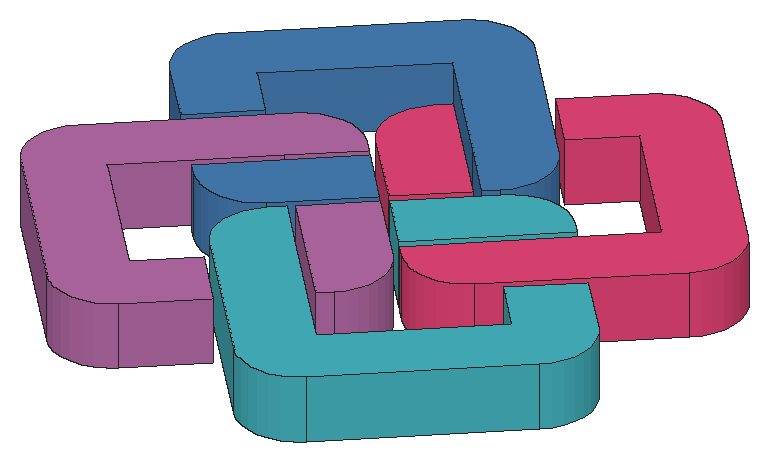
Revit family "NLRS_00_GM_UN_unittypes_gen_rsf", category Generic Models, Revit 2025
Family settings
  Can host rebar = No
  Round Connector Dimension = Use Diameter
  Part Type = Normal
  Work Plane-Based = No
  Always vertical = Yes
  Cut with Voids When Loaded = No
  Maintain Annotation Orientation = No
  Shared = No
  Room Calculation Point = No
Parameters (values of type "1.0")
  URL = ""
  Type Comments = "Value 1.0"
  T_YESNO = yes
  T_WIRE_SIZE = 1.00 mm
  T_WEIGHT_PER_UNIT_LENGTH = 1.00 kgf/m
  T_WEIGHT = 1.00 kN
  T_WARPING_CONSTANT = 1.0 cm⁶
  T_VOLUME = 1.00 m³
  T_VELOCITY = 1.0 m/s
  T_URL = "1"
  T_UNIT_WEIGHT = 1.0 kN/m³
  T_TIMEINTERVAL = 1.0 s
  T_THERMAL_EXPANSION_COEFFICIENT = 1.00000 1/°C
  T_TEXT = "1"
  T_SURFACE_AREA = 1.00 m²/m
  T_STRUCTURAL_FREQUENCY = 1.0 Hz
  T_STRESS = 1.0 MPa
  T_STATIONING_INTERVAL = 1 m
  T_STATIONING = 0+001.00
  T_SPEED = 0.27778 m/s
  T_SLOPE = 0.017455
  T_SECTION_PROPERTY = 1.0 cm
  T_SECTION_MODULUS = 1.0 cm³
  T_SECTION_DIMENSION = 1.0 cm
  T_SECTION_AREA = 1.0 cm²
  T_ROTATION_ANGLE = 1.00°
  T_ROTATIONAL_POINT_SPRING_COEFFICIENT = 1.0 kN-m/°
  T_ROTATIONAL_LINEAR_SPRING_COEFFICIENT = 1.0 kN-m/°/m
  T_ROTATION = 1.000 rad
  T_REINFORCEMENT_VOLUME = 1.00 cm³
  T_REINFORCEMENT_SPACING = 1 mm
  T_REINFORCEMENT_LENGTH = 1 mm
  T_REINFORCEMENT_COVER = 1 mm
  T_REINFORCEMENT_AREA_PER_UNIT_LENGTH = 1.00 cm²/m
  T_REINFORCEMENT_AREA = 1.00 cm²
  T_PULSATION = 1.0 rad/s
  T_POINT_SPRING_COEFFICIENT = 1.0 kN/m
  T_PIPING_VOLUME = 1.0 L
  T_PIPING_VISCOSITY = 1.0 Pa-s
  T_PIPING_VELOCITY = 1.0 m/s
  T_PIPING_TEMPERATURE_DIFFERENCE = 1 °C
  T_PIPING_TEMPERATURE = 1 °C
  T_PIPING_SLOPE = 0.01
  T_PIPING_ROUGHNESS = 1.000 mm
  T_PIPING_PRESSURE = 1.0 Pa
  T_PIPING_MASS_PER_TIME = 1 kg/h
  T_PIPING_FRICTION = 1.00 Pa/m
  T_PIPING_FLOW = 1.0 L/s
  T_PIPING_DENSITY = 1.0000 kg/m³
  T_PIPE_SIZE = 1 mm
  T_PIPE_MASS_PER_UNIT_LENGTH = 1.00 kg/m
  T_PIPE_MASS = 1.00 kg
  T_PIPE_INSUlATION_THICKNESS = 1 mm
  T_PIPE_DIMENSION = 1.00 mm
  T_PERIOD = 1.0 s
  T_NUMBER = 1
  T_NOOFPOLES = 1
  T_MULTILINETEXT = "1"
  T_MOMENT_OF_INERTIA = 1.00 cm⁴
  T_MOMENT = 1.00 kN·m
  T_MATERIAL = none
  T_MASS_PER_UNIT_LENGTH = 1.00 kg/m
  T_MASS_PER_UNIT_AREA = 1.00 kg/m²
  T_MASS_DENSITY = 1.00 kg/m³
  T_MASS = 1.00 kg
  T_LOADCLASSIFICATION = none
  T_LINEAR_SPRING_COEFFICIENT = 1.0 kN/m²
  T_LINEAR_MOMENT = 1.00 kN-m/m
  T_LINEAR_FORCE = 1.00 kN/m
  T_LENGTH = 1 mm
  T_INTEGER = 1
  T_HVAC_VISCOSITY = 1.0 Pa-s
  T_HVAC_VELOCITY = 1.0 m/s
  T_HVAC_THERMAL_RESISTANCE = 1.0000 (m²·K)/W
  T_HVAC_THERMAL_MASS = 1.00 kJ/K
  T_HVAC_THERMAL_GRADIENT_COEFFICIENT_FOR_MOISTURE_CAPACITY = 1 kg/(kg·K)
  T_HVAC_THERMAL_CONDUCTIVITY = 1.0000 W/(m·K)
  T_HVAC_TEMPERATURE_DIFFERENCE = 1 °C
  T_HVAC_TEMPERATURE = 1 °C
  T_HVAC_SPECIFIC_HEAT_OF_VAPORIZATION = 1.0000 J/g
  T_HVAC_SPECIFIC_HEAT = 1.0000 J/(g·°C)
  T_HVAC_SLOPE = 0.01
  T_HVAC_ROUGHNESS = 1.00 mm
  T_HVAC_PRESSURE = 1.0 Pa
  T_HVAC_POWER_PER_FLOW = 1 W·s/m³
  T_HVAC_POWER_DENSITY = 1.00 W/m²
  T_HVAC_POWER = 1 W
  T_HVAC_PERMEABILITY = 0
  T_HVAC_MASS_PER_TIME = 1 kg/h
  T_HVAC_ISOTHERMAL_MOISTURE_CAPACITY = 1 m³/kg
  T_HVAC_HEAT_GAIN = 1 W
  T_HVAC_HEATING_LOAD_DIVIDED_BY_VOLUME = 1.00 W/m³
  T_HVAC_HEATING_LOAD_DIVIDED_BY_AREA = 1.00 W/m²
  T_HVAC_HEATING_LOAD = 1 W
  T_HVAC_FRICTION = 1.00 Pa/m
  T_HVAC_FLOW_PER_POWER = 1 m³/(W·s)
  T_HVAC_FACTOR = 1.00%
  T_HVAC_ENERGY = 1 J
  T_HVAC_DUCT_SIZE = 1 mm
  T_HVAC_DUCT_LINING_THICKNESS = 1 mm
  T_HVAC_DUCT_INSULATION_THICKNESS = 1 mm
  T_HVAC_DIFFUSIVITY = 1 m²/s
  T_HVAC_DENSITY = 1.0000 kg/m³
  T_HVAC_CROSS_SECTION = 1 mm²
  T_HVAC_COOLING_LOAD_DIVIDED_BY_VOLUME = 1.00 W/m³
  T_HVAC_COOLING_LOAD_DIVIDED_BY_AREA = 1.00 W/m²
  T_HVAC_COOLING_LOAD = 1 W
  T_HVAC_COEFFICIENT_OF_HEAT_TRANSFER = 1.0000 W/(m²·K)
  T_HVAC_AREA_DIVIDED_BY_HEATING_LOAD = 1.0000 m²/kW
  T_HVAC_AREA_DIVIDED_BY_COOLING_LOAD = 1.00 m²/kW
  T_HVAC_ANGULAR_SPEED = 1.000 RPM
  T_HVAC_AIR_FLOW = 1.0 L/s
  T_HVAC_AIRFLOW_DIVIDED_BY_VOLUME = 1.00 L/(s·m³)
  T_HVAC_AIRFLOW_DIVIDED_BY_COOLING_LOAD = 1.00 L/(s·kW)
  T_HVAC_AIRFLOW_DENSITY = 1.0000 LPS/m²
  T_HEAT_CAPACITY_PER_AREA = 1.00 kJ/(m²·K)
  T_FORCE = 1.00 kN
  T_FIXTUREUNIT = 1
  T_FILL_PATTERN = 0
  T_ENERGY = 1.0 kJ
  T_ELECTRICAL_WATTAGE = 1 W
  T_ELECTRICAL_TEMPERATURE_DIFFERENCE = 1 °C
  T_ELECTRICAL_TEMPERATURE = 1 °C
  T_ELECTRICAL_RESISTIVITY = 1.0000 ohm·m
  T_ELECTRICAL_POWER_PER_LENGTH = 1 W/m
  T_ELECTRICAL_POWER_DENSITY = 1.00 W/m²
  T_ELECTRICAL_POWER = 1 W
  T_ELECTRICAL_POTENTIAL = 1 V
  T_ELECTRICAL_LUMINOUS_INTENSITY = 1 cd
  T_ELECTRICAL_LUMINOUS_FLUX = 1 lm
  T_ELECTRICAL_LUMINANCE = 1 cd/m²
  T_ELECTRICAL_ILLUMINANCE = 1 lx
  T_ELECTRICAL_FREQUENCY = 1 Hz
  T_ELECTRICAL_EFFICACY = 1 lm/W
  T_ELECTRICAL_DEMAND_FACTOR = 1.00%
  T_ELECTRICAL_CURRENT = 1 A
  T_ELECTRICAL_COST_RATE_POWER = 1 $/W
  T_ELECTRICAL_COST_RATE_ENERGY = 1 $/(W·h)
  T_ELECTRICAL_APPARENT_POWER_DENSITY = 1.00 VA/m²
  T_ELECTRICAL_APPARENT_POWER = 1 VA
  T_DISTANCE = 10 mm
  T_DISPLACEMENT/DEFLECTION = 1.00 cm
  T_CURRENCY = 1
  T_CRACK_WIDTH = 1.00 mm
  T_COST_PER_AREA = 1 $/m²
  T_CONDUIT_SIZE = 1 mm
  T_COLOR_TEMPERATURE = 1 K
  T_CABLETRAY_SIZE = 1 mm
  T_BAR_DIAMETER = 1 mm
  T_AREA_SPRING_COEFFICIENT = 1.0 kN/m³
  T_AREA_FORCE = 1.00 kN/m²
  T_AREA = 1.00 m²
  T_ANGLE = 1.00°
  T_ACCELERATION = 1.0 m/s²
  Model = "DataTypeTest"  # constant formula
  Manufacturer = "Revit Standards Foundation"  # constant formula
  Keynote = ""
  I_YESNO [instance] = yes
  I_WIRE_SIZE [instance] = 0.00 mm
  I_WEIGHT_PER_UNIT_LENGTH [instance] = 0.00 kgf/m
  I_WEIGHT [instance] = 0.00 kN
  I_WARPING_CONSTANT [instance] = 0
  I_VOLUME [instance] = 0.00 m³
  I_VELOCITY [instance] = 0.0 m/s
  I_URL [instance] = ""
  I_UNIT_WEIGHT [instance] = 0.0 kN/m³
  I_TIMEINTERVAL [instance] = 0.0 s
  I_THERMAL_EXPANSION_COEFFICIENT [instance] = 0.00000 1/°C
  I_TEXT [instance] = ""
  I_SURFACE_AREA [instance] = 0
  I_STRUCTURAL_FREQUENCY [instance] = 0.0 Hz
  I_STRESS [instance] = 0.0 MPa
  I_STATIONING_INTERVAL [instance] = 0 m
  I_STATIONING [instance] = 0
  I_SPEED [instance] = 0 m/s
  I_SLOPE [instance] = 0
  I_SECTION_PROPERTY [instance] = 0.0 cm
  I_SECTION_MODULUS [instance] = 0.0 cm³
  I_SECTION_DIMENSION [instance] = 0.0 cm
  I_SECTION_AREA [instance] = 0.0 cm²
  I_ROTATION_ANGLE [instance] = 0
  I_ROTATIONAL_POINT_SPRING_COEFFICIENT [instance] = 0
  I_ROTATIONAL_LINEAR_SPRING_COEFFICIENT [instance] = 0
  I_ROTATION [instance] = 0.000 rad
  I_REINFORCEMENT_VOLUME [instance] = 0.00 cm³
  I_REINFORCEMENT_SPACING [instance] = 0 mm
  I_REINFORCEMENT_LENGTH [instance] = 0 mm
  I_REINFORCEMENT_COVER [instance] = 0 mm
  I_REINFORCEMENT_AREA_PER_UNIT_LENGTH [instance] = 0
  I_REINFORCEMENT_AREA [instance] = 0.00 cm²
  I_PULSATION [instance] = 0
  I_POINT_SPRING_COEFFICIENT [instance] = 0.0 kN/m
  I_PIPING_VOLUME [instance] = 0.0 L
  I_PIPING_VISCOSITY [instance] = 0
  I_PIPING_VELOCITY [instance] = 0.0 m/s
  I_PIPING_TEMPERATURE_DIFFERENCE [instance] = 0 °C
  I_PIPING_TEMPERATURE [instance] = -273.15 °C
  I_PIPING_SLOPE [instance] = 0
  I_PIPING_ROUGHNESS [instance] = 0.000 mm
  I_PIPING_PRESSURE [instance] = 0.0 Pa
  I_PIPING_MASS_PER_TIME [instance] = 0
  I_PIPING_FRICTION [instance] = 0.00 Pa/m
  I_PIPING_FLOW [instance] = 0.0 L/s
  I_PIPING_DENSITY [instance] = 0.0000 kg/m³
  I_PIPE_SIZE [instance] = 0 mm
  I_PIPE_MASS_PER_UNIT_LENGTH [instance] = 0.00 kg/m
  I_PIPE_MASS [instance] = 0.00 kg
  I_PIPE_INSUlATION_THICKNESS [instance] = 0 mm
  I_PIPE_DIMENSION [instance] = 0.00 mm
  I_PERIOD [instance] = 0.0 s
  I_NUMBER [instance] = 0
  I_NOOFPOLES [instance] = 1
  I_MULTILINETEXT [instance] = ""
  I_MOMENT_OF_INERTIA [instance] = 0.00 cm⁴
  I_MOMENT [instance] = 0.00 kN·m
  I_MATERIAL [instance] = none
  I_MASS_PER_UNIT_LENGTH [instance] = 0.00 kg/m
  I_MASS_PER_UNIT_AREA [instance] = 0.00 kg/m²
  I_MASS_DENSITY [instance] = 0.00 kg/m³
  I_MASS [instance] = 0.00 kg
  I_LOADCLASSIFICATION [instance] = none
  I_LINEAR_SPRING_COEFFICIENT [instance] = 0.0 kN/m²
  I_LINEAR_MOMENT [instance] = 0
  I_LINEAR_FORCE [instance] = 0.00 kN/m
  I_LENGTH [instance] = 0 mm
  I_INTEGER [instance] = 0
  I_HVAC_VISCOSITY [instance] = 0
  I_HVAC_VELOCITY [instance] = 0.0 m/s
  I_HVAC_THERMAL_RESISTANCE [instance] = 0.0000 (m²·K)/W
  I_HVAC_THERMAL_MASS [instance] = 0
  I_THERMAL_GRADIENT_COEFFICIENT_FOR_MOISTURE_CAPACITY [instance] = 0
  I_HVAC_THERMAL_CONDUCTIVITY [instance] = 0.0000 W/(m·K)
  I_HVAC_TEMPERATURE_DIFFERENCE [instance] = 0 °C
  I_HVAC_TEMPERATURE [instance] = -273.15 °C
  I_HVAC_SPECIFIC_HEAT_OF_VAPORIZATION [instance] = 0
  I_HVAC_SPECIFIC_HEAT [instance] = 0
  I_HVAC_SLOPE [instance] = 0
  I_HVAC_ROUGHNESS [instance] = 0.00 mm
  I_HVAC_PRESSURE [instance] = 0.0 Pa
  I_HVAC_POWER_PER_FLOW [instance] = 0
  I_HVAC_POWER_DENSITY [instance] = 0.00 W/m²
  I_HVAC_POWER [instance] = 0 W
  I_HVAC_PERMEABILITY [instance] = 0
  I_MASS_PER_TIME [instance] = 0
  I_ISOTHERMAL_MOISTURE_CAPACITY [instance] = 0
  I_HVAC_HEAT_GAIN [instance] = 0 W
  I_HVAC_HEATING_LOAD_DIVIDED_BY_VOLUME [instance] = 0
  I_HVAC_HEATING_LOAD_DIVIDED_BY_AREA [instance] = 0.00 W/m²
  I_HVAC_HEATING_LOAD [instance] = 0 W
  I_HVAC_FRICTION [instance] = 0.00 Pa/m
  I_FLOW_PER_POWER [instance] = 0
  I_HVAC_FACTOR [instance] = 0.00%
  I_HVAC_ENERGY [instance] = 0 J
  I_HVAC_DUCT_SIZE [instance] = 0 mm
  I_HVAC_DUCT_LINING_THICKNESS [instance] = 0 mm
  I_HVAC_DUCT_INSULATION_THICKNESS [instance] = 0 mm
  I_DIFFUSIVITY [instance] = 0
  I_HVAC_DENSITY [instance] = 0.0000 kg/m³
  I_HVAC_CROSS_SECTION [instance] = 0 mm²
  I_HVAC_COOLING_LOAD_DIVIDED_BY_VOLUME [instance] = 0
  I_HVAC_COOLING_LOAD_DIVIDED_BY_AREA [instance] = 0.00 W/m²
  I_HVAC_COOLING_LOAD [instance] = 0 W
  I_HVAC_COEFFICIENT_OF_HEAT_TRANSFER [instance] = 0.0000 W/(m²·K)
  I_HVAC_AREA_DIVIDED_BY_HEATING_LOAD [instance] = 0
  I_HVAC_AREA_DIVIDED_BY_COOLING_LOAD [instance] = 0
  I_ANGULAR_SPEED [instance] = 0
  I_HVAC_AIR_FLOW [instance] = 0.0 L/s
  I_HVAC_AIRFLOW_DIVIDED_BY_VOLUME [instance] = 0
  I_HVAC_AIRFLOW_DIVIDED_BY_COOLING_LOAD [instance] = 0
  I_HVAC_AIRFLOW_DENSITY [instance] = 0
  I_HEAT_CAPACITY_PER_AREA [instance] = 0
  I_FORCE [instance] = 0.00 kN
  I_FIXTUREUNIT [instance] = 0
  I_FILL_PATTERN [instance] = 0
  I_ENERGY [instance] = 0.0 kJ
  I_ELECTRICAL_WATTAGE [instance] = 0 W
  I_ELECTRICAL_TEMPERATURE_DIFFERENCE [instance] = 0 °C
  I_ELECTRICAL_TEMPERATURE [instance] = -273.15 °C
  I_ELECTRICAL_RESISTIVITY [instance] = 0
  I_POWER_PER_LENGTH [instance] = 0
  I_ELECTRICAL_POWER_DENSITY [instance] = 0.00 W/m²
  I_ELECTRICAL_POWER [instance] = 0 W
  I_ELECTRICAL_POTENTIAL [instance] = 0 V
  I_ELECTRICAL_LUMINOUS_INTENSITY [instance] = 0 cd
  I_ELECTRICAL_LUMINOUS_FLUX [instance] = 0 lm
  I_ELECTRICAL_LUMINANCE [instance] = 0 cd/m²
  I_ELECTRICAL_ILLUMINANCE [instance] = 0 lx
  I_ELECTRICAL_FREQUENCY [instance] = 0 Hz
  I_ELECTRICAL_EFFICACY [instance] = 0 lm/W
  I_ELECTRICAL_DEMAND_FACTOR [instance] = 0.00%
  I_ELECTRICAL_CURRENT [instance] = 0 A
  I_COST_RATE_POWER [instance] = 0
  I_COST_RATE_ENERGY [instance] = 0
  I_APPARENT_POWER_DENSITY [instance] = 0
  I_ELECTRICAL_APPARENT_POWER [instance] = 0 VA
  I_DISTANCE [instance] = 0 mm
  I_DISPLACEMENT/DEFLECTION [instance] = 0.00 cm
  I_CURRENCY [instance] = 0
  I_CRACK_WIDTH [instance] = 0.00 mm
  I_COST_PER_AREA [instance] = 0
  I_CONDUIT_SIZE [instance] = 0 mm
  I_COLOR_TEMPERATURE [instance] = 0 K
  I_CABLETRAY_SIZE [instance] = 0 mm
  I_BAR_DIAMETER [instance] = 0 mm
  I_AREA_SPRING_COEFFICIENT [instance] = 0.0 kN/m³
  I_AREA_FORCE [instance] = 0.00 kN/m²
  I_AREA [instance] = 0.00 m²
  I_ANGLE [instance] = 0.00°
  I_ACCELERATION [instance] = 0
  Description = "Standard NLRS Testing Family"
  Default Elevation = 0 mm
  Assembly Code = "00.00"
Types (3, lengths in mm): name | T_WIRE_SIZE | T_WEIGHT_PER_UNIT_LENGTH | T_WEIGHT | T_WARPING_CONSTANT | T_VOLUME | T_VELOCITY | T_URL | T_UNIT_WEIGHT | T_TIMEINTERVAL | T_THERMAL_EXPANSION_COEFFICIENT | T_TEXT | T_SURFACE_AREA | T_STRUCTURAL_FREQUENCY | T_STRESS | T_STATIONING_INTERVAL | T_STATIONING | T_SPEED | T_SLOPE | T_SECTION_PROPERTY | T_SECTION_MODULUS | T_SECTION_DIMENSION | T_SECTION_AREA | T_ROTATION_ANGLE | T_ROTATIONAL_POINT_SPRING_COEFFICIENT | T_ROTATIONAL_LINEAR_SPRING_COEFFICIENT | T_ROTATION | T_REINFORCEMENT_VOLUME | T_REINFORCEMENT_SPACING | T_REINFORCEMENT_LENGTH | T_REINFORCEMENT_COVER | T_REINFORCEMENT_AREA_PER_UNIT_LENGTH | T_REINFORCEMENT_AREA | T_PULSATION | T_POINT_SPRING_COEFFICIENT | T_PIPING_VOLUME | T_PIPING_VISCOSITY | T_PIPING_VELOCITY | T_PIPING_TEMPERATURE_DIFFERENCE | T_PIPING_TEMPERATURE | T_PIPING_SLOPE | T_PIPING_ROUGHNESS | T_PIPING_PRESSURE | T_PIPING_MASS_PER_TIME | T_PIPING_FRICTION | T_PIPING_FLOW | T_PIPING_DENSITY | T_PIPE_SIZE | T_PIPE_MASS_PER_UNIT_LENGTH | T_PIPE_MASS | T_PIPE_INSUlATION_THICKNESS | T_PIPE_DIMENSION | T_PERIOD | T_NUMBER | T_NOOFPOLES | T_MULTILINETEXT | T_MOMENT_OF_INERTIA | T_MOMENT | T_MASS_PER_UNIT_LENGTH | T_MASS_PER_UNIT_AREA | T_MASS_DENSITY | T_MASS | T_LINEAR_SPRING_COEFFICIENT | T_LINEAR_MOMENT | T_LINEAR_FORCE | T_LENGTH | T_INTEGER | T_HVAC_VISCOSITY | T_HVAC_VELOCITY | T_HVAC_THERMAL_RESISTANCE | T_HVAC_THERMAL_MASS | T_HVAC_THERMAL_GRADIENT_COEFFICIENT_FOR_MOISTURE_CAPACITY | T_HVAC_THERMAL_CONDUCTIVITY | T_HVAC_TEMPERATURE_DIFFERENCE | T_HVAC_TEMPERATURE | T_HVAC_SPECIFIC_HEAT_OF_VAPORIZATION | T_HVAC_SPECIFIC_HEAT | T_HVAC_SLOPE | T_HVAC_ROUGHNESS | T_HVAC_PRESSURE | T_HVAC_POWER_PER_FLOW | T_HVAC_POWER_DENSITY | T_HVAC_POWER | T_HVAC_MASS_PER_TIME | T_HVAC_ISOTHERMAL_MOISTURE_CAPACITY | T_HVAC_HEAT_GAIN | T_HVAC_HEATING_LOAD_DIVIDED_BY_VOLUME | T_HVAC_HEATING_LOAD_DIVIDED_BY_AREA | T_HVAC_HEATING_LOAD | T_HVAC_FRICTION | T_HVAC_FLOW_PER_POWER | T_HVAC_FACTOR | T_HVAC_ENERGY | T_HVAC_DUCT_SIZE | T_HVAC_DUCT_LINING_THICKNESS | T_HVAC_DUCT_INSULATION_THICKNESS | T_HVAC_DIFFUSIVITY | T_HVAC_DENSITY | T_HVAC_CROSS_SECTION | T_HVAC_COOLING_LOAD_DIVIDED_BY_VOLUME | T_HVAC_COOLING_LOAD_DIVIDED_BY_AREA | T_HVAC_COOLING_LOAD | T_HVAC_COEFFICIENT_OF_HEAT_TRANSFER | T_HVAC_AREA_DIVIDED_BY_HEATING_LOAD | T_HVAC_AREA_DIVIDED_BY_COOLING_LOAD | T_HVAC_ANGULAR_SPEED | T_HVAC_AIR_FLOW | T_HVAC_AIRFLOW_DIVIDED_BY_VOLUME | T_HVAC_AIRFLOW_DIVIDED_BY_COOLING_LOAD | T_HVAC_AIRFLOW_DENSITY | T_HEAT_CAPACITY_PER_AREA | T_FORCE | T_FIXTUREUNIT | T_ENERGY | T_ELECTRICAL_WATTAGE | T_ELECTRICAL_TEMPERATURE_DIFFERENCE | T_ELECTRICAL_TEMPERATURE | T_ELECTRICAL_RESISTIVITY | T_ELECTRICAL_POWER_PER_LENGTH | T_ELECTRICAL_POWER_DENSITY | T_ELECTRICAL_POWER | T_ELECTRICAL_POTENTIAL | T_ELECTRICAL_LUMINOUS_INTENSITY | T_ELECTRICAL_LUMINOUS_FLUX | T_ELECTRICAL_LUMINANCE | T_ELECTRICAL_ILLUMINANCE | T_ELECTRICAL_FREQUENCY | T_ELECTRICAL_EFFICACY | T_ELECTRICAL_DEMAND_FACTOR | T_ELECTRICAL_CURRENT | T_ELECTRICAL_COST_RATE_POWER | T_ELECTRICAL_COST_RATE_ENERGY | T_ELECTRICAL_APPARENT_POWER_DENSITY | T_ELECTRICAL_APPARENT_POWER | T_DISTANCE | T_DISPLACEMENT/DEFLECTION | T_CURRENCY | T_CRACK_WIDTH | T_COST_PER_AREA | T_CONDUIT_SIZE | T_COLOR_TEMPERATURE | T_CABLETRAY_SIZE | T_BAR_DIAMETER | T_AREA_SPRING_COEFFICIENT | T_AREA_FORCE | T_AREA | T_ANGLE | T_ACCELERATION
  1.0 | 1.00 | 1.00 kgf/m | 1.00 kN | 1.0 cm⁶ | 1.00 m³ | 1.0 m/s | "1" | 1.0 kN/m³ | 1.0 s | 1.00000 1/°C | "1" | 1.00 m²/m | 1.0 Hz | 1.0 MPa | 1 m | 0+001.00 | 0.27778 m/s | 0.017455 | 1.0 cm | 1.0 cm³ | 1.0 cm | 1.0 cm² | 1.00° | 1.0 kN-m/° | 1.0 kN-m/°/m | 1.000 rad | 1.00 cm³ | 1 | 1 | 1 | 1.00 cm²/m | 1.00 cm² | 1.0 rad/s | 1.0 kN/m | 1.0 L | 1.0 Pa-s | 1.0 m/s | 1 °C | 1 °C | 0.01 | 1.000 | 1.0 Pa | 1 kg/h | 1.00 Pa/m | 1.0 L/s | 1.0000 kg/m³ | 1 | 1.00 kg/m | 1.00 kg | 1 | 1.00 | 1.0 s | 1 | 1 | "1" | 1.00 cm⁴ | 1.00 kN·m | 1.00 kg/m | 1.00 kg/m² | 1.00 kg/m³ | 1.00 kg | 1.0 kN/m² | 1.00 kN-m/m | 1.00 kN/m | 1 | 1 | 1.0 Pa-s | 1.0 m/s | 1.0000 (m²·K)/W | 1.00 kJ/K | 1 kg/(kg·K) | 1.0000 W/(m·K) | 1 °C | 1 °C | 1.0000 J/g | 1.0000 J/(g·°C) | 0.01 | 1.00 | 1.0 Pa | 1 W·s/m³ | 1.00 W/m² | 1 W | 1 kg/h | 1 m³/kg | 1 W | 1.00 W/m³ | 1.00 W/m² | 1 W | 1.00 Pa/m | 1 m³/(W·s) | 1.00% | 1 J | 1 | 1 | 1 | 1 m²/s | 1.0000 kg/m³ | 1 mm² | 1.00 W/m³ | 1.00 W/m² | 1 W | 1.0000 W/(m²·K) | 1.0000 m²/kW | 1.00 m²/kW | 1.000 RPM | 1.0 L/s | 1.00 L/(s·m³) | 1.00 L/(s·kW) | 1.0000 LPS/m² | 1.00 kJ/(m²·K) | 1.00 kN | 1 | 1.0 kJ | 1 W | 1 °C | 1 °C | 1.0000 ohm·m | 1 W/m | 1.00 W/m² | 1 W | 1 V | 1 cd | 1 lm | 1 cd/m² | 1 lx | 1 Hz | 1 lm/W | 1.00% | 1 A | 1 $/W | 1 $/(W·h) | 1.00 VA/m² | 1 VA | 10 | 1.00 cm | 1 | 1.00 mm | 1 $/m² | 1 | 1 K | 1 | 1 | 1.0 kN/m³ | 1.00 kN/m² | 1.00 m² | 1.00° | 1.0 m/s²
  1000 | 1000.00 | 1000.00 kgf/m | 1000.00 kN | 1000.0 cm⁶ | 1000.00 m³ | 1000.0 m/s | "1000" | 1000.0 kN/m³ | 1000.0 s | 1000.00000 1/°C | "1000" | 1000.00 m²/m | 1000.0 Hz | 1000.0 MPa | 1000 m | 1+000.00 | 277.78 m/s | -5.6713 | 1000.0 cm | 1000.0 cm³ | 1000.0 cm | 1000.0 cm² | 1000.00° | 1000.0 kN-m/° | 1000.0 kN-m/°/m | 1000.000 rad | 1000.00 cm³ | 1000 | 1000 | 1000 | 1000.00 cm²/m | 1000.00 cm² | 1000.0 rad/s | 1000.0 kN/m | 1000.0 L | 1000.0 Pa-s | 1000.0 m/s | 1000 °C | 1000 °C | 10 | 1000.000 | 1000.0 Pa | 1000 kg/h | 1000.00 Pa/m | 1000.0 L/s | 1000.0000 kg/m³ | 1000 | 1000.00 kg/m | 1000.00 kg | 1000 | 1000.00 | 1000.0 s | 1000 | 1000 | "1000" | 1000.00 cm⁴ | 1000.00 kN·m | 1000.00 kg/m | 1000.00 kg/m² | 1000.00 kg/m³ | 1000.00 kg | 1000.0 kN/m² | 1000.00 kN-m/m | 1000.00 kN/m | 1000 | 1000 | 1000.0 Pa-s | 1000.0 m/s | 1000.0000 (m²·K)/W | 1000.00 kJ/K | 1000 kg/(kg·K) | 1000.0000 W/(m·K) | 1000 °C | 1000 °C | 1000.0000 J/g | 1000.0000 J/(g·°C) | 10 | 1000.00 | 1000.0 Pa | 1000 W·s/m³ | 1000.00 W/m² | 1000 W | 1000 kg/h | 1000 m³/kg | 1000 W | 1000.00 W/m³ | 1000.00 W/m² | 1000 W | 1000.00 Pa/m | 1000 m³/(W·s) | 1000.00% | 1000 J | 1000 | 1000 | 1000 | 1000 m²/s | 1000.0000 kg/m³ | 1000 mm² | 1000.00 W/m³ | 1000.00 W/m² | 1000 W | 1000.0000 W/(m²·K) | 1000.0000 m²/kW | 1000.00 m²/kW | 1000.000 RPM | 1000.0 L/s | 1000.00 L/(s·m³) | 1000.00 L/(s·kW) | 1000.0000 LPS/m² | 1000.00 kJ/(m²·K) | 1000.00 kN | 1000 | 1000.0 kJ | 1000 W | 1000 °C | 1000 °C | 1000.0000 ohm·m | 1000 W/m | 1000.00 W/m² | 1000 W | 1000 V | 1000 cd | 1000 lm | 1000 cd/m² | 1000 lx | 1000 Hz | 1000 lm/W | 1000.00% | 1000 A | 1000 $/W | 1000 $/(W·h) | 1000.00 VA/m² | 1000 VA | 10000 | 1000.00 cm | 1000 | 1000.00 mm | 1000 $/m² | 1000 | 1000 K | 1000 | 1000 | 1000.0 kN/m³ | 1000.00 kN/m² | 1000.00 m² | 1000.00° | 1000.0 m/s²
  0.1 | 0.10 | 0.10 kgf/m | 0.10 kN | 0 | 0.10 m³ | 0.1 m/s | "0.1" | 0.1 kN/m³ | 0.1 s | 0.10000 1/°C | "0.1" | 0.10 m²/m | 0.1 Hz | 0.1 MPa | 0.1 m | 0+000.10 | 0.027778 m/s | 0.0017453 | 0.1 cm | 0.1 cm³ | 0.1 cm | 0.1 cm² | 0.10° | 0.1 kN-m/° | 0.1 kN-m/°/m | 0.100 rad | 0.10 cm³ | 0.1 | 0.1 | 0.1 | 0.10 cm²/m | 0.10 cm² | 0.1 rad/s | 0.1 kN/m | 0.1 L | 0.1 Pa-s | 0.1 m/s | 0.1 °C | 0.1 °C | 0.001 | 0.100 | 0.1 Pa | 0 kg/h | 0.10 Pa/m | 0.1 L/s | 0.1000 kg/m³ | 0.1 | 0.10 kg/m | 0.10 kg | 0.1 | 0.10 | 0.1 s | 0.1 | 1 | "0.1" | 0.10 cm⁴ | 0.10 kN·m | 0.10 kg/m | 0.10 kg/m² | 0.10 kg/m³ | 0.10 kg | 0.1 kN/m² | 0.10 kN-m/m | 0.10 kN/m | 0.1 | 0 | 0.1 Pa-s | 0.1 m/s | 0.1000 (m²·K)/W | 0.10 kJ/K | 0 kg/(kg·K) | 0.1000 W/(m·K) | 0.1 °C | 0.1 °C | 0.1000 J/g | 0.1000 J/(g·°C) | 0.001 | 0.10 | 0.1 Pa | 0 W·s/m³ | 0.10 W/m² | 0.1 W | 0 kg/h | 0 m³/kg | 0.1 W | 0.10 W/m³ | 0.10 W/m² | 0.1 W | 0.10 Pa/m | 0 m³/(W·s) | 0.10% | 0.1 J | 0.1 | 0.1 | 0.1 | 0 m²/s | 0.1000 kg/m³ | 0.1 mm² | 0.10 W/m³ | 0.10 W/m² | 0.1 W | 0.1000 W/(m²·K) | 0.1000 m²/kW | 0.10 m²/kW | 0.100 RPM | 0.1 L/s | 0.10 L/(s·m³) | 0.10 L/(s·kW) | 0.1000 LPS/m² | 0.10 kJ/(m²·K) | 0.10 kN | 0.1 | 0.1 kJ | 0.1 W | 0.1 °C | 0.1 °C | 0.1000 ohm·m | 0 W/m | 0.10 W/m² | 0.1 W | 0.1 V | 0.1 cd | 0.1 lm | 0.1 cd/m² | 0.1 lx | 0.1 Hz | 0.1 lm/W | 0.10% | 0.1 A | 0 $/W | 0 $/(W·h) | 0.10 VA/m² | 0.1 VA | 1 | 0.10 cm | 0.1 | 0.10 mm | 0 $/m² | 0.1 | 0.1 K | 0.1 | 0.1 | 0.1 kN/m³ | 0.10 kN/m² | 0.10 m² | 0.10° | 0.1 m/s²
Reference planes
  plane 1 "Center (Front/Back)": y = 0
  plane 2: z = 0
  plane 3 "Center (Left/Right)": x = 0
  plane 4: z = 30
  plane 5: x = -150
  plane 6: y = 350
  plane 7: x = 800
  plane 8: y = -150
Dimensions and locks
  plane 4 to level = 30 mm
  aligned and locked: level to plane 2
Nested families
  nested 1: "00_GM_LB_IFC_Logo_klein" at (0, 225, 0), type "00_GM_LB_IFC_Logo_klein"
Definition of nested family "00_GM_LB_IFC_Logo_klein"
  Parameters (values of type "00_GM_LB_IFC_Logo_klein")
    URL = "www.bimforce.com"
    Manufacturer = "Bimforce"
    Description = "IFC Logo"
    Default Elevation = 0 mm
  Reference planes
    plane 1 "Center (Front/Back)": y = 0
    plane 2: z = 0
    plane 3 "Center (Left/Right)": x = 0
  Forms (mm)
    Extrusion 1, solid
      sketch origin (0, 0, 0) x (1, 0, 0) y (0, 1, 0)
        loop
          line (-44.901, 89.803) -> (-89.803, 44.901)
          arc (-89.803, 44.901) -> (-95.01, 32.329) -> (-89.803, 19.757) r 17.78
          line (-89.803, 19.757) -> (-71.842, 1.796) -> (-55.678, 17.961) -> (-70.046, 32.329) -> (-32.329, 70.046) -> (1.796, 35.921) -> (17.961, 19.757) -> (21.553, 23.349)
          arc (21.553, 23.349) -> (26.76, 35.921) -> (21.553, 48.493) r 17.78
          line (21.553, 48.493) -> (-19.757, 89.803)
          arc (-19.757, 89.803) -> (-32.329, 95.01) -> (-44.901, 89.803) r 17.78
        loop
          line (-17.961, 16.164) -> (-52.085, -17.961) -> (-48.493, -21.553)
          arc (-48.493, -21.553) -> (-35.921, -26.76) -> (-23.349, -21.553) r 17.78
          line (-23.349, -21.553) -> (-1.796, 0) -> (-17.961, 16.164)
      from 0 to 20
    Extrusion 2, solid
      sketch origin (0, 0, 0) x (0, -1, 0) y (1, 0, 0)
        loop
          line (-44.901, 89.803) -> (-89.803, 44.901)
          arc (-89.803, 44.901) -> (-95.01, 32.329) -> (-89.803, 19.757) r 17.78
          line (-89.803, 19.757) -> (-71.842, 1.796) -> (-55.678, 17.961) -> (-70.046, 32.329) -> (-32.329, 70.046) -> (1.796, 35.921) -> (17.961, 19.757) -> (21.553, 23.349)
          arc (21.553, 23.349) -> (26.76, 35.921) -> (21.553, 48.493) r 17.78
          line (21.553, 48.493) -> (-19.757, 89.803)
          arc (-19.757, 89.803) -> (-32.329, 95.01) -> (-44.901, 89.803) r 17.78
        loop
          line (-17.961, 16.164) -> (-52.085, -17.961) -> (-48.493, -21.553)
          arc (-48.493, -21.553) -> (-35.921, -26.76) -> (-23.349, -21.553) r 17.78
          line (-23.349, -21.553) -> (-1.796, 0) -> (-17.961, 16.164)
      from 0 to 20
    Extrusion 3, solid
      sketch origin (0, 0, 0) x (-1, 0, 0) y (0, -1, 0)
        loop
          line (-44.901, 89.803) -> (-89.803, 44.901)
          arc (-89.803, 44.901) -> (-95.01, 32.329) -> (-89.803, 19.757) r 17.78
          line (-89.803, 19.757) -> (-71.842, 1.796) -> (-55.678, 17.961) -> (-70.046, 32.329) -> (-32.329, 70.046) -> (1.796, 35.921) -> (17.961, 19.757) -> (21.553, 23.349)
          arc (21.553, 23.349) -> (26.76, 35.921) -> (21.553, 48.493) r 17.78
          line (21.553, 48.493) -> (-19.757, 89.803)
          arc (-19.757, 89.803) -> (-32.329, 95.01) -> (-44.901, 89.803) r 17.78
        loop
          line (-17.961, 16.164) -> (-52.085, -17.961) -> (-48.493, -21.553)
          arc (-48.493, -21.553) -> (-35.921, -26.76) -> (-23.349, -21.553) r 17.78
          line (-23.349, -21.553) -> (-1.796, 0) -> (-17.961, 16.164)
      from 0 to 20
    Extrusion 4, solid
      sketch origin (0, 0, 0) x (0, 1, 0) y (-1, 0, 0)
        loop
          line (-44.901, 89.803) -> (-89.803, 44.901)
          arc (-89.803, 44.901) -> (-95.01, 32.329) -> (-89.803, 19.757) r 17.78
          line (-89.803, 19.757) -> (-71.842, 1.796) -> (-55.678, 17.961) -> (-70.046, 32.329) -> (-32.329, 70.046) -> (1.796, 35.921) -> (17.961, 19.757) -> (21.553, 23.349)
          arc (21.553, 23.349) -> (26.76, 35.921) -> (21.553, 48.493) r 17.78
          line (21.553, 48.493) -> (-19.757, 89.803)
          arc (-19.757, 89.803) -> (-32.329, 95.01) -> (-44.901, 89.803) r 17.78
        loop
          line (-17.961, 16.164) -> (-52.085, -17.961) -> (-48.493, -21.553)
          arc (-48.493, -21.553) -> (-35.921, -26.76) -> (-23.349, -21.553) r 17.78
          line (-23.349, -21.553) -> (-1.796, 0) -> (-17.961, 16.164)
      from 0 to 20
  Dimensions and locks
    aligned and locked: level to plane 2
